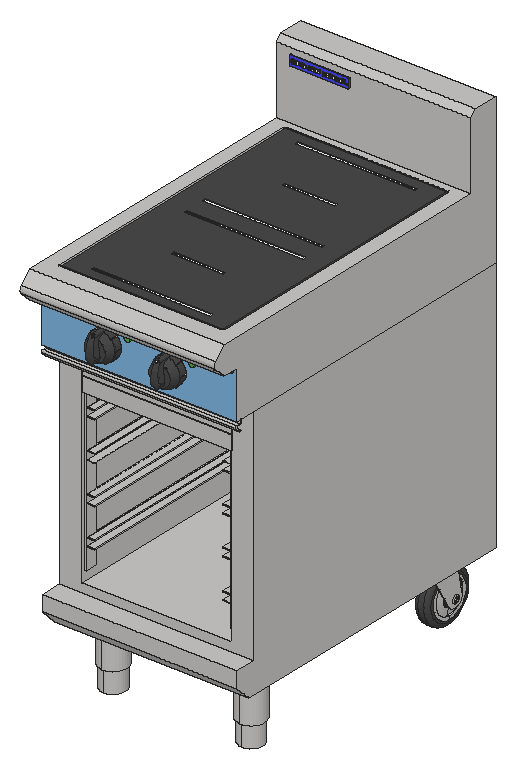
Revit family "QF_Moffat_IN512R3-CB_Induction_Cooktop_cat", category Specialty Equipment, Revit 2019
Family settings
  Round Connector Dimension = Use Diameter
  Part Type = Normal
  Work Plane-Based = No
  Always vertical = Yes
  Cut with Voids When Loaded = No
  Shared = No
  Room Calculation Point = No
Parameters (values of type "IN512R3-CB")
  Weight in Kilograms = 88
  Watts = 4150 W
  Volts = 415 V
  URL Cutsheet = ""
  Specification by User = ""
  Specification by Manufacturer = ""
  Show Logo [instance] = yes
  Show Legs [instance] = not(Show Castors)  # no
  Show Castors [instance] = yes
  Serial Number = ""
  Seismic Rating = ""
  SMACNA No = ""
  Revision Code = ""
  Phase = 3
  Number of Poles = 1
  NAFEM Spec ID Number = ""
  Model = "IN512R3-CB"
  Min Ckt Ampacity = 0 A
  Max Overcurrent Protection = 0 A
  Masterspec = ""
  Manufacturer = "Moffat"
  Length = 450 mm
  Item Number = ""
  Installed By = ""
  Identify Quantity as Lot = yes
  Height = 1085 mm
  HP = ""
  Furnished By = ""
  Foodservice Equipment Identifier = yes
  FL Amps = 10 A
  Electrical Remarks = ""
  Electric Connection Type = ""
  Elec Conn RI Height = 0 mm
  Elec Conn Connection Height = 0 mm
  Description = "Induction Cooktop"
  Depth = 812.2 mm
  Cycle = 60 Hz
  Conn Plug = ""
  Conn Conduit = yes
  CSI MasterFormat = ""
  Apparent Power = if(Phase = 3, Volts * FL Amps * 1.73, Volts * FL Amps)  # 7179.5 VA
Reference planes
  plane 1 "BACK": y = 0
  plane 2: z = 0
  plane 3 "LEFT": x = 0
  plane 4 "RIGHT": x = 450
  plane 5 "FRONT": y = -812.2
  plane 6 "TOP": z = 1085
  plane 7 "Center Y": x = 225
  plane 8 "Center X": y = -406.1
  plane 9: x = 65.5
  plane 10: x = 384.5
  plane 11: y = -30
  plane 12: x = 320
  plane 13: z = 635
  plane 14: y = -100
  plane 15: y = -625
  plane 16: z = 150
Forms (mm)
  Extrusion 1, solid, material "QF_Metal_Stainless_Polished"
    sketch origin (0, 0, 560) x (0, 1, 0) y (0, 0, 1)
      loop
        line (0, 180) -> (0, 525) -> (-57, 525) -> (-70, 512) -> (-70, 354.5) -> (-784.171, 354.5) -> (-808.685, 329.985)
        arc (-808.685, 329.985) -> (-812.2, 321.5) -> (-808.685, 313.015) r 12
        line (-808.685, 313.015) -> (-785.171, 289.5) -> (-749, 289.5) -> (-749, 180) -> (0, 180)
    from 0 to 450
  Extrusion 2, void
    sketch origin (0, -784.171, 914.5) x (0, 1, 0) y (-1, 0, 0)
      loop
        arc (696.671, -39.5) -> (694.913, -35.257) -> (690.671, -33.5) r 6
        line (690.671, -33.5) -> (44.671, -33.5)
        arc (44.671, -33.5) -> (40.428, -35.257) -> (38.671, -39.5) r 6
        line (38.671, -39.5) -> (38.671, -410.5)
        arc (38.671, -410.5) -> (40.428, -414.743) -> (44.671, -416.5) r 6
        line (44.671, -416.5) -> (690.671, -416.5)
        arc (690.671, -416.5) -> (694.913, -414.743) -> (696.671, -410.5) r 6
        line (696.671, -410.5) -> (696.671, -39.5)
    from 0 to -9.5
  Extrusion 3, solid, material "QF_Plastic_White_Smooth"
    sketch origin (0, -784.171, 905) x (0, 1, 0) y (-1, 0, 0)
      loop
        line (660.921, -362.5) -> (666.921, -362.5) -> (666.921, -87.5) -> (660.921, -87.5) -> (660.921, -362.5)
      loop
        line (532.421, -165) -> (526.421, -165) -> (526.421, -285) -> (532.421, -285) -> (532.421, -165)
      loop
        line (397.921, -87.5) -> (391.921, -87.5) -> (391.921, -362.5) -> (397.921, -362.5) -> (397.921, -87.5)
      loop
        line (337.421, -362.5) -> (343.421, -362.5) -> (343.421, -87.5) -> (337.421, -87.5) -> (337.421, -362.5)
      loop
        line (208.921, -165) -> (202.921, -165) -> (202.921, -285) -> (208.921, -285) -> (208.921, -165)
      loop
        line (68.421, -362.5) -> (74.421, -362.5) -> (74.421, -87.5) -> (68.421, -87.5) -> (68.421, -362.5)
    from 0 to 9.5
  Extrusion 4, solid, material "QF_Plastic_Black_Smooth"
    sketch origin (0, -784.171, 914.5) x (0, 1, 0) y (-1, 0, 0)
      loop
        line (692.671, -410.5) -> (692.671, -39.5)
        arc (692.671, -39.5) -> (692.085, -38.086) -> (690.671, -37.5) r 2
        line (690.671, -37.5) -> (44.671, -37.5)
        arc (44.671, -37.5) -> (43.256, -38.086) -> (42.671, -39.5) r 2
        line (42.671, -39.5) -> (42.671, -410.5)
        arc (42.671, -410.5) -> (43.256, -411.914) -> (44.671, -412.5) r 2
        line (44.671, -412.5) -> (690.671, -412.5)
        arc (690.671, -412.5) -> (692.085, -411.914) -> (692.671, -410.5) r 2
      loop
        line (666.921, -362.5) -> (666.921, -87.5) -> (660.921, -87.5) -> (660.921, -362.5) -> (666.921, -362.5)
      loop
        line (532.421, -285) -> (532.421, -165) -> (526.421, -165) -> (526.421, -285) -> (532.421, -285)
      loop
        line (391.921, -87.5) -> (391.921, -362.5) -> (397.921, -362.5) -> (397.921, -87.5) -> (391.921, -87.5)
      loop
        line (343.421, -87.5) -> (337.421, -87.5) -> (337.421, -362.5) -> (343.421, -362.5) -> (343.421, -87.5)
      loop
        line (202.921, -285) -> (208.921, -285) -> (208.921, -165) -> (202.921, -165) -> (202.921, -285)
      loop
        line (68.421, -362.5) -> (74.421, -362.5) -> (74.421, -87.5) -> (68.421, -87.5) -> (68.421, -362.5)
    from 0 to -9.5
  Extrusion 5, solid, material "QF_Metal_Stainless_Polished"
    sketch origin (0, 0, 600) x (0, 1, 0) y (0, 0, 1)
      loop
        line (-737.8, 140) -> (-737.8, 130) -> (-747.305, 130)
        arc (-747.305, 130) -> (-750.276, 128.015) -> (-749.579, 124.511) r 3.215
        line (-749.579, 124.511) -> (-739.05, 113.982) -> (-737.919, 115.113) -> (-748.447, 125.642)
        arc (-748.447, 125.642) -> (-748.797, 127.403) -> (-747.305, 128.4) r 1.615
        line (-747.305, 128.4) -> (-736.2, 128.4) -> (-736.2, 140) -> (-737.8, 140)
    from 0 to 450
  Extrusion 6, solid, material "QF_Plastic_Black_Smooth"
    sketch origin (0, -749, 741.875) x (0, 0, 1) y (-1, 0, 0)
      loop
        circle (99.343, -13.157) r 5
      loop
        circle (99.343, -436.843) r 5
      loop
        circle (99.343, -150) r 5
      loop
        circle (99.343, -300) r 5
    from 0 to 1.6
  Extrusion 7, solid, material "QF_Metal_Stainless_Polished"
    sketch origin (0, -699, 640) x (0, 1, 0) y (1, 0, 0)
      loop
        circle (669, 320) r 6.35
    from 0 to 1.6
  Extrusion 8, solid, material "QF_Metal_Stainless_Polished"
    sketch origin (0, -699, 645) x (1, 0, 0) y (0, -1, 0)
      loop
        line (0, -699) -> (450, -699) -> (450, 0) -> (399.2, 0) -> (399.2, -25.4) -> (50.8, -25.4) -> (50.8, 0) -> (0, 0) -> (0, -699)
    from 5 to -95
  Extrusion 9, solid, material "QF_Metal_Stainless_Polished"
    sketch origin (50.8, -30, 645) x (0, 1, 0) y (0, 0, 1)
      loop
        line (-669, -5) -> (-643.6, -5) -> (-643.6, 27.7) -> (-669, 27.7) -> (-669, -5)
      loop
        line (-669, 28.7) -> (-643.6, 28.7) -> (-643.6, 61.4) -> (-669, 61.4) -> (-669, 28.7)
      loop
        line (-669, 62.4) -> (-643.6, 62.4) -> (-643.6, 95) -> (-669, 95) -> (-669, 62.4)
    from 0 to 348.4
  Revolve 10, solid, material "QF_Metal_Stainless_Polished"
    sketch origin (65.5, -4572, 255.2) x (0, 0, -1) y (0, -1, 0)
      loop
        line (255.2, -3974.5) -> (255.2, -3947) -> (105.2, -3947) -> (105.2, -3978.75) -> (205.2, -3978.75) -> (205.2, -3974.5) -> (255.2, -3974.5)
      axis (105.2, -3947) -> (255.2, -3947)
    angle from 0 to 360
  Revolve 11, solid, material "QF_Metal_Stainless_Polished"
    sketch origin (384.5, -4572, 255.2) x (0, 0, -1) y (0, 1, 0)
      loop
        line (255.2, 3974.5) -> (205.2, 3974.5) -> (205.2, 3978.75) -> (105.2, 3978.75) -> (105.2, 3947) -> (255.2, 3947) -> (255.2, 3974.5)
      axis (105.2, 3947) -> (255.2, 3947)
    angle from 0 to 360
  Extrusion 12, solid, material "QF_Metal_Stainless_Polished"
    sketch origin (0, 0, 0) x (0, 1, 0) y (0, 0, 1)
      loop
        line (-50.8, 150) -> (-50.8, 242.5) -> (-699, 242.5) -> (-699, 222.5) -> (-747.95, 222.5) -> (-747.95, 186) -> (-711.95, 150) -> (-50.8, 150)
    from 0 to 450
  Extrusion 13, solid, material "QF_Metal_Stainless_Polished"
    sketch origin (-6096, 120, 150) x (0, 1, 0) y (-1, 0, 0)
      loop
        line (-120, -6096) -> (-819, -6096) -> (-819, -6146.8) -> (-170.8, -6146.8) -> (-170.8, -6495.2) -> (-819, -6495.2) -> (-819, -6546) -> (-120, -6546) -> (-120, -6096)
    from 0 to 490
  Extrusion 14, solid, material "QF_Metal_Stainless_Polished"
    sketch origin (50.8, -50.8, 460) x (0, 0, 1) y (1, 0, 0)
      loop
        line (127.5, 25.4) -> (127.5, 6.4) -> (147.5, 6.4) -> (147.5, 25.4) -> (145.9, 25.4) -> (145.9, 8) -> (129.1, 8) -> (129.1, 25.4) -> (127.5, 25.4)
      loop
        line (37.5, 25.4) -> (37.5, 6.4) -> (57.5, 6.4) -> (57.5, 25.4) -> (55.9, 25.4) -> (55.9, 8) -> (39.1, 8) -> (39.1, 25.4) -> (37.5, 25.4)
      loop
        line (-52.5, 25.4) -> (-52.5, 6.4) -> (-32.5, 6.4) -> (-32.5, 25.4) -> (-34.1, 25.4) -> (-34.1, 8) -> (-50.9, 8) -> (-50.9, 25.4) -> (-52.5, 25.4)
      loop
        line (-142.5, 25.4) -> (-142.5, 6.4) -> (-122.5, 6.4) -> (-122.5, 25.4) -> (-124.1, 25.4) -> (-124.1, 8) -> (-140.9, 8) -> (-140.9, 25.4) -> (-142.5, 25.4)
    from 0 to -641.85
  Extrusion 15, solid, material "QF_Metal_Stainless_Polished"
    sketch origin (50.8, 44.437, 150) x (0, 1, 0) y (0, 0, 1)
      loop
        line (-95.237, 488.4) -> (-120.637, 488.4) -> (-120.637, 117.5) -> (-95.237, 117.5) -> (-95.237, 488.4)
      loop
        line (-709.687, 117.5) -> (-709.687, 490) -> (-737.087, 490) -> (-737.087, 117.5) -> (-709.687, 117.5)
    from 0 to 6.4
  Extrusion 16, solid, material "QF_Metal_Stainless_Polished"
    sketch origin (50.8, -50.8, 460) x (0, 0, 1) y (1, 0, 0)
      loop
        line (127.5, 323) -> (129.1, 323) -> (129.1, 340.4) -> (145.9, 340.4) -> (145.9, 323) -> (147.5, 323) -> (147.5, 342) -> (127.5, 342) -> (127.5, 323)
      loop
        line (37.5, 323) -> (39.1, 323) -> (39.1, 340.4) -> (55.9, 340.4) -> (55.9, 323) -> (57.5, 323) -> (57.5, 342) -> (37.5, 342) -> (37.5, 323)
      loop
        line (-52.5, 323) -> (-50.9, 323) -> (-50.9, 340.4) -> (-34.1, 340.4) -> (-34.1, 323) -> (-32.5, 323) -> (-32.5, 342) -> (-52.5, 342) -> (-52.5, 323)
      loop
        line (-142.5, 323) -> (-140.9, 323) -> (-140.9, 340.4) -> (-124.1, 340.4) -> (-124.1, 323) -> (-122.5, 323) -> (-122.5, 342) -> (-142.5, 342) -> (-142.5, 323)
    from 0 to -641.85
  Extrusion 17, solid, material "QF_Metal_Stainless_Polished"
    sketch origin (399.2, 44.437, 150) x (0, 1, 0) y (0, 0, -1)
      loop
        line (-95.237, -488.4) -> (-95.237, -117.5) -> (-120.637, -117.5) -> (-120.637, -488.4) -> (-95.237, -488.4)
      loop
        line (-709.687, -117.5) -> (-737.087, -117.5) -> (-737.087, -490) -> (-709.687, -490) -> (-709.687, -117.5)
    from 0 to 6.4
  Revolve 18, solid, material "QF_Metal_Stainless_Polished", visible <- "Show Legs"
    sketch origin (65.5, -4047, 255.2) x (0, 0, -1) y (0, -1, 0)
      loop
        line (255.2, -3974.5) -> (255.2, -3947) -> (105.2, -3947) -> (105.2, -3978.75) -> (205.2, -3978.75) -> (205.2, -3974.5) -> (255.2, -3974.5)
      axis (105.2, -3947) -> (255.2, -3947)
    angle from 0 to 360
  Revolve 19, solid, material "QF_Metal_Stainless_Polished", visible <- "Show Legs"
    sketch origin (384.5, -4047, 255.2) x (0, 0, -1) y (0, 1, 0)
      loop
        line (255.2, 3974.5) -> (205.2, 3974.5) -> (205.2, 3978.75) -> (105.2, 3978.75) -> (105.2, 3947) -> (255.2, 3947) -> (255.2, 3974.5)
      axis (105.2, 3947) -> (255.2, 3947)
    angle from 0 to 360
  Extrusion 20, solid, material "QF_Paint_Green"
    sketch origin (65.731, -749, 740) x (0, 0, 1) y (-1, 0, 0)
      loop
        circle (84.8, -282.5) r 7.15
    from 0 to 1.6
  Extrusion 21, solid, material "QF_Paint_Green"
    sketch origin (-84.269, -749, 740) x (0, 0, 1) y (-1, 0, 0)
      loop
        circle (84.8, -282.5) r 7.15
    from 0 to 1.6
Cuts and joins
  Extrusion 2 cuts Extrusion 1
  joined: Revolve 10, Revolve 11
  joined: Extrusion 8, Extrusion 12, Extrusion 13
Lines and regions (mm)
  symbolic lines
    curve 1: line (0, 0, 0) -> (450, 0, 0)
    curve 2: line (0, -812.2, 0) -> (0, 0, 0)
    curve 3: line (450, -812.2, 0) -> (0, -812.2, 0)
    curve 4: line (450, 0, 0) -> (450, -812.2, 0)
    curve 5: line (0, -784.171, 0) -> (450, -784.171, 0)
    curve 6: line (0, -57, 0) -> (450, -57, 0)
    curve 7: line (0, -70, 0) -> (450, -70, 0)
    curve 8: line (39.5, -87.5, 0) -> (410.5, -87.5, 0)
    curve 9: arc (410.5, -87.5, 0) -> (414.743, -89.257, 0) -> (416.5, -93.5, 0) r 6
    curve 10: line (416.5, -93.5, 0) -> (416.5, -739.5, 0)
    curve 11: arc (416.5, -739.5, 0) -> (414.743, -743.743, 0) -> (410.5, -745.5, 0) r 6
    curve 12: line (410.5, -745.5, 0) -> (39.5, -745.5, 0)
    curve 13: arc (39.5, -745.5, 0) -> (35.257, -743.743, 0) -> (33.5, -739.5, 0) r 6
    curve 14: line (33.5, -739.5, 0) -> (33.5, -93.5, 0)
    curve 15: arc (33.5, -93.5, 0) -> (35.257, -89.257, 0) -> (39.5, -87.5, 0) r 6
    curve 16: line (410.5, -91.5, 0) -> (39.5, -91.5, 0)
    curve 17: arc (39.5, -91.5, 0) -> (38.086, -92.086, 0) -> (37.5, -93.5, 0) r 2
    curve 18: line (37.5, -93.5, 0) -> (37.5, -739.5, 0)
    curve 19: arc (37.5, -739.5, 0) -> (38.086, -740.914, 0) -> (39.5, -741.5, 0) r 2
    curve 20: line (39.5, -741.5, 0) -> (410.5, -741.5, 0)
    curve 21: arc (410.5, -741.5, 0) -> (411.914, -740.914, 0) -> (412.5, -739.5, 0) r 2
    curve 22: line (412.5, -739.5, 0) -> (412.5, -93.5, 0)
    curve 23: arc (412.5, -93.5, 0) -> (411.914, -92.086, 0) -> (410.5, -91.5, 0) r 2
    curve 24: line (362.5, -123.25, 0) -> (87.5, -123.25, 0)
    curve 25: line (87.5, -123.25, 0) -> (87.5, -117.25, 0)
    curve 26: line (87.5, -117.25, 0) -> (362.5, -117.25, 0)
    curve 27: line (362.5, -117.25, 0) -> (362.5, -123.25, 0)
    curve 28: line (165, -251.75, 0) -> (285, -251.75, 0)
    curve 29: line (285, -251.75, 0) -> (285, -257.75, 0)
    curve 30: line (285, -257.75, 0) -> (165, -257.75, 0)
    curve 31: line (165, -257.75, 0) -> (165, -251.75, 0)
    curve 32: line (87.5, -386.25, 0) -> (362.5, -386.25, 0)
    curve 33: line (362.5, -386.25, 0) -> (362.5, -392.25, 0)
    curve 34: line (362.5, -392.25, 0) -> (87.5, -392.25, 0)
    curve 35: line (87.5, -392.25, 0) -> (87.5, -386.25, 0)
    curve 36: line (87.5, -440.75, 0) -> (362.5, -440.75, 0)
    curve 37: line (362.5, -440.75, 0) -> (362.5, -446.75, 0)
    curve 38: line (362.5, -446.75, 0) -> (87.5, -446.75, 0)
    curve 39: line (87.5, -446.75, 0) -> (87.5, -440.75, 0)
    curve 40: line (285, -581.25, 0) -> (165, -581.25, 0)
    curve 41: line (165, -581.25, 0) -> (165, -575.25, 0)
    curve 42: line (165, -575.25, 0) -> (285, -575.25, 0)
    curve 43: line (285, -575.25, 0) -> (285, -581.25, 0)
    curve 44: line (87.5, -709.75, 0) -> (362.5, -709.75, 0)
    curve 45: line (362.5, -709.75, 0) -> (362.5, -715.75, 0)
    curve 46: line (362.5, -715.75, 0) -> (87.5, -715.75, 0)
    curve 47: line (87.5, -715.75, 0) -> (87.5, -709.75, 0)
Dimensions and locks
  equal spacing: plane 3 "LEFT", plane 7 "Center Y", plane 4 "RIGHT"
  "Length": plane 3 "LEFT" to plane 4 "RIGHT"
  equal spacing: plane 5 "FRONT", plane 8 "Center X", plane 1 "BACK"
  "Depth": plane 5 "FRONT" to plane 1 "BACK"
  "Height": plane 6 "TOP" to level
  plane 9 to plane 10 = 319 mm
  plane 4 "RIGHT" to plane 3 "LEFT" = 450 mm
  plane 1 "BACK" to cut or joined group of Extrusion 1, Extrusion 2 = 70 mm
  plane 1 "BACK" to plane 5 "FRONT" = 812.2 mm
  plane 6 "TOP" to plane 2 = 1085 mm
  cut or joined group of Extrusion 1, Extrusion 2 to plane 2 = 914.5 mm
  locked: plane 12 to plane 4 "RIGHT" at 130
  plane 1 "BACK" to plane 11 = 30 mm
  plane 1 "BACK" to plane 14 to plane 15 = 100 mm, 525 mm
  plane 2 to plane 13 = 635 mm
  plane 16 to plane 2 = 150 mm
  aligned and locked: level to plane 2
Automatic sketch dimensions
  plane 1 "BACK" to curve 1 = 0 mm
  curve 1 to plane 3 "LEFT" = 0 mm
  curve 3 to plane 4 "RIGHT" = 0 mm
  plane 5 "FRONT" to curve 3 = 0 mm
  curve 3 to curve 5 = 28.029 mm
  curve 7 to plane 14 = 30 mm
  curve 7 to curve 6 = 13 mm
  Extrusion 1 sketch curve to plane 6 "TOP" = 0 mm
  Extrusion 1 sketch curve to plane 1 "BACK" = 0 mm
  plane 11 to Extrusion 1 sketch curve = 27 mm
  Extrusion 1 sketch curve to plane 6 "TOP" = 13 mm
  Extrusion 1 sketch curve to Extrusion 1 sketch curve = 13 mm
  Extrusion 1 sketch curve to plane 5 "FRONT" = 63.2 mm
  Extrusion 1 sketch curve to plane 5 "FRONT" = 28.029 mm
  Extrusion 1 sketch curve to plane 5 "FRONT" = 27.029 mm
  Extrusion 1 sketch curve to plane 5 "FRONT" = 12 mm
  Extrusion 1 sketch curve to plane 5 "FRONT" = 3.515 mm  (x2)
  Extrusion 1 sketch curve to plane 6 "TOP" = 170.5 mm
  Extrusion 1 sketch curve to Extrusion 1 sketch curve = 24.515 mm
  Extrusion 1 sketch curve to Extrusion 1 sketch curve = 8.485 mm
  Extrusion 1 sketch curve to Extrusion 1 sketch curve = 32 mm
  Extrusion 1 sketch curve to plane 13 = 105 mm
  Extrusion 2 sketch curve to Extrusion 1 = 38.671 mm
  Extrusion 2 sketch curve to Extrusion 2 sketch curve = 6 mm  (x3)
  Extrusion 1 to Extrusion 2 sketch curve = 23.5 mm  (x2)
  Extrusion 1 to Extrusion 2 sketch curve = 33.5 mm
  Extrusion 1 to Extrusion 2 sketch curve = 39.5 mm
  Extrusion 4 sketch curve to Extrusion 1 = 42.671 mm
  Extrusion 4 sketch curve to Extrusion 4 sketch curve = 2 mm  (x3)
  Extrusion 1 to Extrusion 4 sketch curve = 23.5 mm  (x2)
  Extrusion 1 to Extrusion 4 sketch curve = 37.5 mm
  Extrusion 1 to Extrusion 4 sketch curve = 39.5 mm
  Extrusion 5 sketch curve to Extrusion 5 sketch curve = 0 mm  (x2)
  Extrusion 5 sketch curve to plane 5 "FRONT" = 62.621 mm
  Extrusion 5 sketch curve to Extrusion 5 sketch curve = 1.131 mm  (x3)
  Extrusion 5 sketch curve to Extrusion 5 sketch curve = 1.142 mm  (x2)
  Extrusion 5 sketch curve to Extrusion 5 sketch curve = 10.529 mm
  Extrusion 5 sketch curve to Extrusion 5 sketch curve = 9.505 mm
  Extrusion 5 sketch curve to Extrusion 5 sketch curve = 1.6 mm
  Extrusion 5 sketch curve to plane 13 = 78.982 mm
  Extrusion 5 sketch curve to Extrusion 5 sketch curve = 10 mm
  Extrusion 8 to Extrusion 7 sketch curve = 30 mm
  Extrusion 7 sketch curve to Extrusion 8 = 79.2 mm
  plane 1 "BACK" to Extrusion 8 sketch curve = 0 mm
  Extrusion 8 sketch curve to plane 3 "LEFT" = 0 mm
  Extrusion 8 sketch curve to plane 4 "RIGHT" = 0 mm
  plane 9 to Extrusion 8 sketch curve = 14.7 mm
  Extrusion 8 sketch curve to plane 10 = 14.7 mm
  plane 15 to Extrusion 8 sketch curve = 48.6 mm
  Extrusion 8 sketch curve to Extrusion 8 sketch curve = 25.4 mm  (x2)
  Extrusion 9 sketch curve to Extrusion 8 = 0 mm  (x8)
  Extrusion 8 to Extrusion 9 sketch curve = 32.7 mm
  Extrusion 9 sketch curve to Extrusion 9 sketch curve = 1 mm  (x2)
  Extrusion 9 sketch curve to Extrusion 9 sketch curve = 32.7 mm
  Revolve 10 sketch curve to plane 15 = 0 mm  (x2)
  Revolve 10 sketch curve to plane 16 = 0 mm
  Revolve 10 sketch curve to level = 0 mm  (x2)
  level to Revolve 10 sketch curve = 50 mm
  Revolve 10 sketch curve to Revolve 10 sketch curve = 27.5 mm
  Revolve 10 sketch curve to Revolve 10 sketch curve = 31.75 mm
  Revolve 10 sketch curve to Revolve 10 sketch curve = 25 mm
  Revolve 11 sketch curve to plane 15 = 0 mm  (x2)
  Revolve 11 sketch curve to plane 16 = 0 mm
  Revolve 11 sketch curve to level = 0 mm  (x2)
  level to Revolve 11 sketch curve = 50 mm
  Revolve 11 sketch curve to plane 15 = 27.5 mm
  Revolve 11 sketch curve to Revolve 11 sketch curve = 4.25 mm
  Revolve 11 sketch curve to Revolve 11 sketch curve = 25 mm
  Extrusion 12 sketch curve to plane 16 = 0 mm
  Extrusion 12 sketch curve to plane 5 "FRONT" = 64.25 mm
  Extrusion 12 sketch curve to Extrusion 12 sketch curve = 36 mm
  Extrusion 12 sketch curve to Extrusion 12 sketch curve = 48.95 mm
  plane 11 to Extrusion 12 sketch curve = 20.8 mm
  plane 16 to Extrusion 12 sketch curve = 36 mm
  Extrusion 12 sketch curve to Extrusion 12 sketch curve = 36.5 mm
  plane 16 to Extrusion 12 sketch curve = 92.5 mm
  Extrusion 13 sketch curve to plane 4 "RIGHT" = 0 mm
  Extrusion 13 sketch curve to plane 3 "LEFT" = 0 mm
  plane 1 "BACK" to Extrusion 13 sketch curve = 0 mm
  plane 11 to Extrusion 13 sketch curve = 20.8 mm
  Extrusion 13 sketch curve to plane 10 = 14.7 mm
  plane 15 to Extrusion 13 sketch curve = 74 mm  (x2)
  plane 9 to Extrusion 13 sketch curve = 14.7 mm
  Extrusion 15 to Extrusion 14 sketch curve = 0 mm  (x4)
  Extrusion 14 sketch curve to Extrusion 15 = 19 mm  (x4)
  Extrusion 15 to Extrusion 14 sketch curve = 50 mm
  Extrusion 14 sketch curve to Extrusion 14 sketch curve = 1.6 mm  (x8)
  Extrusion 14 sketch curve to Extrusion 15 = 1.6 mm  (x4)
  Extrusion 14 sketch curve to Extrusion 14 sketch curve = 16.8 mm  (x4)
  Extrusion 14 sketch curve to Extrusion 14 sketch curve = 70 mm  (x2)
  Extrusion 14 sketch curve to Extrusion 15 = 50.9 mm
  Extrusion 14 sketch curve to Extrusion 14 sketch curve = 17.4 mm  (x3)
  Extrusion 14 sketch curve to Extrusion 14 sketch curve = 0 mm
  Extrusion 13 to Extrusion 15 sketch curve = 0 mm
  Extrusion 15 sketch curve to Extrusion 13 = 0 mm
  Extrusion 15 sketch curve to Extrusion 13 = 25.4 mm
  Extrusion 13 to Extrusion 15 sketch curve = 33.75 mm
  Extrusion 13 to Extrusion 15 sketch curve = 6.35 mm
  Extrusion 13 to Extrusion 15 sketch curve = 1.6 mm
  Extrusion 13 to Extrusion 15 sketch curve = 117.5 mm  (x2)
  Extrusion 15 to Extrusion 16 sketch curve = 50 mm
  Extrusion 16 sketch curve to Extrusion 16 sketch curve = 1.6 mm  (x12)
  Extrusion 16 sketch curve to Extrusion 16 sketch curve = 16.8 mm  (x4)
  Extrusion 16 sketch curve to Extrusion 16 sketch curve = 70 mm  (x2)
  Extrusion 16 sketch curve to Extrusion 15 = 50.9 mm
  Extrusion 16 sketch curve to Extrusion 15 = 316.6 mm
  Extrusion 16 sketch curve to Extrusion 16 sketch curve = 0 mm  (x7)
  Extrusion 16 sketch curve to Extrusion 16 sketch curve = 17.4 mm  (x4)
  plane 15 to Extrusion 17 sketch curve = 67.65 mm
  Extrusion 17 sketch curve to plane 13 = 5 mm
  Extrusion 17 sketch curve to Extrusion 17 sketch curve = 27.4 mm
  Extrusion 17 sketch curve to plane 13 = 3.4 mm
  Extrusion 17 sketch curve to plane 14 = 23.8 mm
  plane 11 to Extrusion 17 sketch curve = 20.8 mm
  plane 16 to Extrusion 17 sketch curve = 117.5 mm  (x2)
  Revolve 18 sketch curve to plane 14 = 0 mm  (x2)
  Revolve 18 sketch curve to plane 16 = 0 mm
  Revolve 18 sketch curve to level = 0 mm  (x2)
  level to Revolve 18 sketch curve = 50 mm
  Revolve 18 sketch curve to Revolve 18 sketch curve = 27.5 mm
  Revolve 18 sketch curve to Revolve 18 sketch curve = 31.75 mm
  Revolve 18 sketch curve to Revolve 18 sketch curve = 25 mm
  Revolve 19 sketch curve to plane 14 = 0 mm  (x2)
  Revolve 19 sketch curve to plane 16 = 0 mm
  Revolve 19 sketch curve to level = 0 mm  (x2)
  level to Revolve 19 sketch curve = 50 mm
  Revolve 19 sketch curve to plane 14 = 27.5 mm
  Revolve 19 sketch curve to Revolve 19 sketch curve = 4.25 mm
  Revolve 19 sketch curve to Revolve 19 sketch curve = 25 mm
  Extrusion 1 to Extrusion 20 sketch curve = 24.7 mm
  Extrusion 1 to Extrusion 20 sketch curve = 101.769 mm
  Extrusion 1 to Extrusion 21 sketch curve = 24.7 mm
  Extrusion 1 to Extrusion 21 sketch curve = 198.231 mm
  curve 14 to plane 14 = 6.5 mm
  plane 9 to curve 14 = 32 mm
  curve 14 to curve 15 = 6 mm
  curve 13 to curve 13 = 6 mm
  curve 9 to plane 14 = 6.5 mm
  curve 9 to plane 10 = 26 mm
  curve 12 to curve 10 = 6 mm
  curve 5 to curve 12 = 38.671 mm
  curve 9 to curve 23 = 0 mm  (x2)
  curve 11 to curve 21 = 0 mm  (x2)
  curve 13 to curve 19 = 0 mm  (x2)
  curve 15 to curve 17 = 0 mm
  curve 18 to curve 15 = 2 mm
  Extrusion 1 to Extrusion 4 sketch curve = 53.25 mm
  Extrusion 4 sketch curve to Extrusion 4 sketch curve = 6 mm  (x6)
  Extrusion 4 sketch curve to Extrusion 4 sketch curve = 48 mm  (x4)
  Extrusion 4 sketch curve to Extrusion 4 sketch curve = 134.5 mm  (x3)
  Extrusion 4 sketch curve to Extrusion 4 sketch curve = 77.5 mm  (x2)
  Extrusion 4 sketch curve to Extrusion 4 sketch curve = 120 mm  (x2)
  Extrusion 1 to Extrusion 4 sketch curve = 87.5 mm  (x2)
  Extrusion 4 sketch curve to Extrusion 4 sketch curve = 54.5 mm
  Extrusion 4 sketch curve to Extrusion 4 sketch curve = 0 mm  (x2)
  Extrusion 4 sketch curve to Extrusion 4 sketch curve = 23.75 mm
  Extrusion 3 sketch curve to Extrusion 2 = 35.75 mm  (x2)
  Extrusion 3 sketch curve to Extrusion 3 sketch curve = 6 mm  (x6)
  Extrusion 3 sketch curve to Extrusion 2 = 54 mm  (x7)
  Extrusion 3 sketch curve to Extrusion 3 sketch curve = 128.5 mm  (x3)
  Extrusion 3 sketch curve to Extrusion 2 = 131.5 mm  (x2)
  Extrusion 3 sketch curve to Extrusion 3 sketch curve = 120 mm  (x2)
  Extrusion 3 sketch curve to Extrusion 3 sketch curve = 48.5 mm
  Extrusion 3 sketch curve to Extrusion 3 sketch curve = 0 mm
  curve 24 to plane 9 = 22 mm
  plane 10 to curve 26 = 22 mm
  plane 14 to curve 24 = 23.25 mm
  curve 24 to curve 27 = 6 mm
  curve 30 to plane 7 "Center Y" = 60 mm
  plane 12 to curve 30 = 35 mm
  plane 8 "Center X" to curve 30 = 148.35 mm
  curve 30 to curve 31 = 6 mm
  curve 32 to plane 9 = 22 mm
  plane 10 to curve 33 = 22 mm
  plane 8 "Center X" to curve 33 = 13.85 mm
  curve 33 to curve 33 = 6 mm
  curve 39 to plane 9 = 22 mm
  plane 10 to curve 36 = 22 mm
  curve 39 to plane 8 "Center X" = 40.65 mm
  curve 37 to curve 37 = 6 mm
  curve 41 to plane 7 "Center Y" = 60 mm
  plane 12 to curve 43 = 35 mm
  curve 41 to plane 15 = 43.75 mm
  curve 40 to curve 41 = 6 mm
  curve 47 to plane 9 = 22 mm
  plane 10 to curve 44 = 22 mm
  curve 13 to curve 47 = 23.75 mm
  curve 45 to curve 45 = 6 mm
  Extrusion 1 to Extrusion 6 sketch curve = 8.282 mm  (x4)
  Extrusion 1 to Extrusion 6 sketch curve = 13.157 mm  (x2)
  Extrusion 6 sketch curve to Extrusion 6 sketch curve = 136.843 mm
  Extrusion 1 to Extrusion 6 sketch curve = 150 mm
  radius of Extrusion 7 sketch curve = 6.35 mm
  radius of Extrusion 20 sketch curve = 7.15 mm
  radius of Extrusion 21 sketch curve = 7.15 mm
  radius of Extrusion 6 sketch curve = 5 mm  (x4)
Nested families
  nested 1: "QF_LOGO_BLue Seal" at (32, -70, 1034.385), visible <- "Show Logo", type "QF_LOGO_BLue Seal"
  nested 2: "6 INCHES 02_CASTER" at (65.5, -100, 0), Show Casters <- "Show Castors", type "6 INCHES 02_CASTER"
    with Type Mark "", Specification by User "", Show Casters yes, Revision Code "", Item Number "", Installed By "", Identify Quantity as Lot yes, Furnished By "", Foodservice Equipment Identifier yes
  nested 3: "6 INCHES 02_CASTER" at (384.5, -100, 0), Show Casters <- "Show Castors", type "6 INCHES 02_CASTER"
    with Type Mark "", Specification by User "", Show Casters yes, Revision Code "", Item Number "", Installed By "", Identify Quantity as Lot yes, Furnished By "", Foodservice Equipment Identifier yes
  nested 4: "Knob" at (267.5, -739.5, 764.5), type "Knob"
  nested 5: "Knob" at (117.5, -739.5, 764.5), type "Knob"
Connectors
  electrical at (320, -30, 638.4), driven by "Volts", driven by "Watts"
    settings: on Extrusion 7, index 1, voltage 415 V, apparent load 4150 VA, apparent load phase1 0 VA, apparent load phase2 0 VA, apparent load phase3 0 VA, power factor 1, load classification "Other", number of poles 1, system type 30, power factor state 1, is connector primary yes, connector utility no, sub classification motor no, connector description "Electrical Connection"
Definition of nested family "QF_LOGO_BLue Seal"
  Parameters (values of type "QF_LOGO_BLue Seal")
    Weight in Pounds = 0
    URL Cutsheet = ""
    Specification by User = ""
    Specification by Manufacturer = ""
    Serial Number = ""
    Seismic Rating = ""
    SMACNA No = ""
    Revision Code = ""
    NAFEM Spec ID Number = ""
    Masterspec = ""
    Length = 138 mm
    Item Number = ""
    Installed By = ""
    Identify Quantity as Lot = yes
    Height = 23 mm
    Furnished By = ""
    Foodservice Equipment Identifier = yes
    Depth = 3.175 mm
    CSI MasterFormat = ""
  Reference planes
    plane 1 "BACK": y = 0
    plane 2: z = 0
    plane 3 "LEFT": x = 0
    plane 4 "RIGHT": x = 138
    plane 5 "FRONT": y = -3.175
    plane 6 "TOP": z = 23
    plane 7 "Center Y": x = 69
    plane 8 "Center X": y = -1.587
  Forms (mm)
    Extrusion 1, solid
      sketch origin (0, 0, 0) x (1, 0, 0) y (0, 0, 1)
        loop
          arc (2, 23) -> (0.586, 22.414) -> (0, 21) r 2
          line (0, 21) -> (0, 2)
          arc (0, 2) -> (0.586, 0.586) -> (2, 0) r 2
          line (2, 0) -> (136, 0)
          arc (136, 0) -> (137.414, 0.586) -> (138, 2) r 2
          line (138, 2) -> (138, 21)
          arc (138, 21) -> (137.414, 22.414) -> (136, 23) r 2
          line (136, 23) -> (2, 23)
        loop
          arc (16.625, 15.317) -> (15.943, 15.034) -> (15.66, 14.352) r 0.965
          line (15.66, 14.352) -> (15.66, 8.169)
          arc (15.66, 8.169) -> (15.953, 7.461) -> (16.66, 7.169) r 1
          line (16.66, 7.169) -> (27.958, 7.169)
          arc (27.958, 7.169) -> (29.995, 9.206) -> (27.958, 11.243) r 2.037
          arc (27.958, 11.243) -> (29.995, 13.28) -> (27.958, 15.317) r 2.037
          line (27.958, 15.317) -> (16.625, 15.317)
        loop
          line (21.163, 13.835) -> (21.163, 12.291) -> (23.596, 12.291)
          arc (23.596, 12.291) -> (24.368, 13.063) -> (23.596, 13.835) r 0.772
          line (23.596, 13.835) -> (21.163, 13.835)
        loop
          line (21.163, 8.544) -> (23.596, 8.544)
          arc (23.596, 8.544) -> (24.368, 9.316) -> (23.596, 10.089) r 0.772
          line (23.596, 10.089) -> (21.163, 10.089) -> (21.163, 8.544)
        loop
          arc (32.475, 15.317) -> (31.768, 15.024) -> (31.475, 14.317) r 1
          line (31.475, 14.317) -> (31.475, 8.169)
          arc (31.475, 8.169) -> (31.768, 7.461) -> (32.475, 7.169) r 1
          line (32.475, 7.169) -> (41.849, 7.169)
          arc (41.849, 7.169) -> (42.859, 8.178) -> (41.849, 9.188) r 1.01
          line (41.849, 9.188) -> (37.262, 9.188) -> (37.262, 14.317)
          arc (37.262, 14.317) -> (36.969, 15.024) -> (36.262, 15.317) r 1
          line (36.262, 15.317) -> (32.475, 15.317)
        loop
          arc (44.648, 15.317) -> (43.941, 15.024) -> (43.648, 14.317) r 1
          line (43.648, 14.317) -> (43.648, 9.124)
          arc (43.648, 9.124) -> (44.221, 7.741) -> (45.604, 7.169) r 1.956
          line (45.604, 7.169) -> (55.306, 7.169)
          arc (55.306, 7.169) -> (56.749, 7.766) -> (57.347, 9.209) r 2.04
          line (57.347, 9.209) -> (57.347, 14.358)
          arc (57.347, 14.358) -> (57.066, 15.036) -> (56.388, 15.317) r 0.959
          line (56.388, 15.317) -> (52.676, 15.317)
          arc (52.676, 15.317) -> (51.968, 15.024) -> (51.676, 14.317) r 1
          line (51.676, 14.317) -> (51.676, 10.17)
          arc (51.676, 10.17) -> (50.529, 9.024) -> (49.383, 10.17) r 1.146
          line (49.383, 10.17) -> (49.383, 14.317)
          arc (49.383, 14.317) -> (49.09, 15.024) -> (48.383, 15.317) r 1
          line (48.383, 15.317) -> (44.648, 15.317)
        loop
          arc (60.035, 15.317) -> (59.328, 15.024) -> (59.035, 14.317) r 1
          line (59.035, 14.317) -> (59.035, 8.169)
          arc (59.035, 8.169) -> (59.328, 7.461) -> (60.035, 7.169) r 1
          line (60.035, 7.169) -> (69.845, 7.169)
          arc (69.845, 7.169) -> (70.828, 8.152) -> (69.845, 9.135) r 0.983
          line (69.845, 9.135) -> (65.06, 9.135) -> (65.06, 10.415) -> (69.988, 10.415)
          arc (69.988, 10.415) -> (70.828, 11.255) -> (69.988, 12.095) r 0.84
          line (69.988, 12.095) -> (65.06, 12.095) -> (65.06, 13.215) -> (69.777, 13.215)
          arc (69.777, 13.215) -> (70.828, 14.266) -> (69.777, 15.317) r 1.051
          line (69.777, 15.317) -> (60.035, 15.317)
        loop
          line (77.315, 14.317) -> (77.315, 11.634)
          arc (77.315, 11.634) -> (77.608, 10.927) -> (78.315, 10.634) r 1
          line (78.315, 10.634) -> (85.957, 10.634) -> (85.957, 8.756) -> (82.871, 8.756) -> (82.871, 9.708) -> (77.315, 9.708) -> (77.315, 8.169)
          arc (77.315, 8.169) -> (77.608, 7.461) -> (78.315, 7.169) r 1
          line (78.315, 7.169) -> (90.614, 7.169)
          arc (90.614, 7.169) -> (91.321, 7.461) -> (91.614, 8.169) r 1
          line (91.614, 8.169) -> (91.614, 11.073)
          arc (91.614, 11.073) -> (91.322, 11.778) -> (90.617, 12.07) r 0.996
          line (90.617, 12.07) -> (82.871, 12.07) -> (82.871, 13.786) -> (85.957, 13.786) -> (85.957, 12.856) -> (91.614, 12.856) -> (91.614, 14.317)
          arc (91.614, 14.317) -> (91.321, 15.024) -> (90.614, 15.317) r 1
          line (90.614, 15.317) -> (78.315, 15.317)
          arc (78.315, 15.317) -> (77.608, 15.024) -> (77.315, 14.317) r 1
        loop
          arc (107.404, 15.317) -> (106.697, 15.024) -> (106.404, 14.317) r 1
          line (106.404, 14.317) -> (106.404, 8.169)
          arc (106.404, 8.169) -> (106.697, 7.461) -> (107.404, 7.169) r 1
          line (107.404, 7.169) -> (111.34, 7.169)
          arc (111.34, 7.169) -> (112.047, 7.461) -> (112.34, 8.169) r 1
          line (112.34, 8.169) -> (112.34, 9.135) -> (115.1, 9.135) -> (115.1, 8.169)
          arc (115.1, 8.169) -> (115.393, 7.461) -> (116.1, 7.169) r 1
          line (116.1, 7.169) -> (119.975, 7.169)
          arc (119.975, 7.169) -> (120.682, 7.461) -> (120.975, 8.169) r 1
          line (120.975, 8.169) -> (120.975, 14.317)
          arc (120.975, 14.317) -> (120.682, 15.024) -> (119.975, 15.317) r 1
          line (119.975, 15.317) -> (107.404, 15.317)
        loop
          arc (94.016, 15.317) -> (93.309, 15.024) -> (93.016, 14.317) r 1
          line (93.016, 14.317) -> (93.016, 8.169)
          arc (93.016, 8.169) -> (93.309, 7.461) -> (94.016, 7.169) r 1
          line (94.016, 7.169) -> (103.826, 7.169)
          arc (103.826, 7.169) -> (104.809, 8.152) -> (103.826, 9.135) r 0.983
          line (103.826, 9.135) -> (99.041, 9.135) -> (99.041, 10.415) -> (103.969, 10.415)
          arc (103.969, 10.415) -> (104.809, 11.255) -> (103.969, 12.095) r 0.84
          line (103.969, 12.095) -> (99.041, 12.095) -> (99.041, 13.215) -> (103.759, 13.215)
          arc (103.759, 13.215) -> (104.809, 14.266) -> (103.759, 15.317) r 1.051
          line (103.759, 15.317) -> (94.016, 15.317)
        loop
          line (112.34, 11.583) -> (115.1, 11.583) -> (115.1, 12.915)
          arc (115.1, 12.915) -> (114.954, 13.268) -> (114.6, 13.415) r 0.5
          line (114.6, 13.415) -> (112.84, 13.415)
          arc (112.84, 13.415) -> (112.487, 13.268) -> (112.34, 12.915) r 0.5
          line (112.34, 12.915) -> (112.34, 11.583)
        loop
          arc (123.692, 15.317) -> (122.985, 15.024) -> (122.692, 14.317) r 1
          line (122.692, 14.317) -> (122.692, 8.169)
          arc (122.692, 8.169) -> (122.985, 7.461) -> (123.692, 7.169) r 1
          line (123.692, 7.169) -> (133.067, 7.169)
          arc (133.067, 7.169) -> (134.076, 8.178) -> (133.067, 9.188) r 1.01
          line (133.067, 9.188) -> (128.479, 9.188) -> (128.479, 14.317)
          arc (128.479, 14.317) -> (128.186, 15.024) -> (127.479, 15.317) r 1
          line (127.479, 15.317) -> (123.692, 15.317)
        loop
          circle (8.135, 11.2) r 4.581
      from 0 to 3.2
    Extrusion 2, solid
      sketch origin (0, 0, 0) x (1, 0, 0) y (0, 0, 1)
        loop
          circle (8.135, 11.2) r 4.581
        loop
          line (8.289, 15.169) -> (8.289, 7.231)
          arc (8.289, 7.231) -> (12.08, 11.2) -> (8.289, 15.169) r 3.973
        loop
          arc (16.625, 15.317) -> (15.943, 15.034) -> (15.66, 14.352) r 0.965
          line (15.66, 14.352) -> (15.66, 8.169)
          arc (15.66, 8.169) -> (15.953, 7.461) -> (16.66, 7.169) r 1
          line (16.66, 7.169) -> (27.958, 7.169)
          arc (27.958, 7.169) -> (29.995, 9.206) -> (27.958, 11.243) r 2.037
          arc (27.958, 11.243) -> (29.995, 13.28) -> (27.958, 15.317) r 2.037
          line (27.958, 15.317) -> (16.625, 15.317)
        loop
          line (21.163, 12.291) -> (23.596, 12.291)
          arc (23.596, 12.291) -> (24.368, 13.063) -> (23.596, 13.835) r 0.772
          line (23.596, 13.835) -> (21.163, 13.835) -> (21.163, 12.291)
        loop
          line (23.596, 10.089) -> (21.163, 10.089) -> (21.163, 8.544) -> (23.596, 8.544)
          arc (23.596, 8.544) -> (24.368, 9.316) -> (23.596, 10.089) r 0.772
        loop
          arc (37.262, 14.317) -> (36.969, 15.024) -> (36.262, 15.317) r 1
          line (36.262, 15.317) -> (32.475, 15.317)
          arc (32.475, 15.317) -> (31.768, 15.024) -> (31.475, 14.317) r 1
          line (31.475, 14.317) -> (31.475, 8.169)
          arc (31.475, 8.169) -> (31.768, 7.461) -> (32.475, 7.169) r 1
          line (32.475, 7.169) -> (41.849, 7.169)
          arc (41.849, 7.169) -> (42.859, 8.178) -> (41.849, 9.188) r 1.01
          line (41.849, 9.188) -> (37.262, 9.188) -> (37.262, 14.317)
        loop
          arc (43.648, 9.124) -> (44.221, 7.741) -> (45.604, 7.169) r 1.956
          line (45.604, 7.169) -> (55.306, 7.169)
          arc (55.306, 7.169) -> (56.749, 7.766) -> (57.347, 9.209) r 2.04
          line (57.347, 9.209) -> (57.347, 14.358)
          arc (57.347, 14.358) -> (57.066, 15.036) -> (56.388, 15.317) r 0.959
          line (56.388, 15.317) -> (52.676, 15.317)
          arc (52.676, 15.317) -> (51.968, 15.024) -> (51.676, 14.317) r 1
          line (51.676, 14.317) -> (51.676, 10.17)
          arc (51.676, 10.17) -> (50.529, 9.024) -> (49.383, 10.17) r 1.146
          line (49.383, 10.17) -> (49.383, 14.317)
          arc (49.383, 14.317) -> (49.09, 15.024) -> (48.383, 15.317) r 1
          line (48.383, 15.317) -> (44.648, 15.317)
          arc (44.648, 15.317) -> (43.941, 15.024) -> (43.648, 14.317) r 1
          line (43.648, 14.317) -> (43.648, 9.124)
        loop
          arc (69.777, 13.215) -> (70.828, 14.266) -> (69.777, 15.317) r 1.051
          line (69.777, 15.317) -> (60.035, 15.317)
          arc (60.035, 15.317) -> (59.328, 15.024) -> (59.035, 14.317) r 1
          line (59.035, 14.317) -> (59.035, 8.169)
          arc (59.035, 8.169) -> (59.328, 7.461) -> (60.035, 7.169) r 1
          line (60.035, 7.169) -> (69.845, 7.169)
          arc (69.845, 7.169) -> (70.828, 8.152) -> (69.845, 9.135) r 0.983
          line (69.845, 9.135) -> (65.06, 9.135) -> (65.06, 10.415) -> (69.988, 10.415)
          arc (69.988, 10.415) -> (70.828, 11.255) -> (69.988, 12.095) r 0.84
          line (69.988, 12.095) -> (65.06, 12.095) -> (65.06, 13.215) -> (69.777, 13.215)
        loop
          line (82.871, 13.786) -> (85.957, 13.786) -> (85.957, 12.856) -> (91.614, 12.856) -> (91.614, 14.317)
          arc (91.614, 14.317) -> (91.321, 15.024) -> (90.614, 15.317) r 1
          line (90.614, 15.317) -> (78.315, 15.317)
          arc (78.315, 15.317) -> (77.608, 15.024) -> (77.315, 14.317) r 1
          line (77.315, 14.317) -> (77.315, 11.634)
          arc (77.315, 11.634) -> (77.608, 10.927) -> (78.315, 10.634) r 1
          line (78.315, 10.634) -> (85.957, 10.634) -> (85.957, 8.756) -> (82.871, 8.756) -> (82.871, 9.708) -> (77.315, 9.708) -> (77.315, 8.169)
          arc (77.315, 8.169) -> (77.608, 7.461) -> (78.315, 7.169) r 1
          line (78.315, 7.169) -> (90.614, 7.169)
          arc (90.614, 7.169) -> (91.321, 7.461) -> (91.614, 8.169) r 1
          line (91.614, 8.169) -> (91.614, 11.073)
          arc (91.614, 11.073) -> (91.322, 11.778) -> (90.617, 12.07) r 0.996
          line (90.617, 12.07) -> (82.871, 12.07) -> (82.871, 13.786)
        loop
          arc (103.759, 13.215) -> (104.809, 14.266) -> (103.759, 15.317) r 1.051
          line (103.759, 15.317) -> (94.016, 15.317)
          arc (94.016, 15.317) -> (93.309, 15.024) -> (93.016, 14.317) r 1
          line (93.016, 14.317) -> (93.016, 8.169)
          arc (93.016, 8.169) -> (93.309, 7.461) -> (94.016, 7.169) r 1
          line (94.016, 7.169) -> (103.826, 7.169)
          arc (103.826, 7.169) -> (104.809, 8.152) -> (103.826, 9.135) r 0.983
          line (103.826, 9.135) -> (99.041, 9.135) -> (99.041, 10.415) -> (103.969, 10.415)
          arc (103.969, 10.415) -> (104.809, 11.255) -> (103.969, 12.095) r 0.84
          line (103.969, 12.095) -> (99.041, 12.095) -> (99.041, 13.215) -> (103.759, 13.215)
        loop
          line (112.34, 12.915) -> (112.34, 11.583) -> (115.1, 11.583) -> (115.1, 12.915)
          arc (115.1, 12.915) -> (114.954, 13.268) -> (114.6, 13.415) r 0.5
          line (114.6, 13.415) -> (112.84, 13.415)
          arc (112.84, 13.415) -> (112.487, 13.268) -> (112.34, 12.915) r 0.5
        loop
          arc (119.975, 7.169) -> (120.682, 7.461) -> (120.975, 8.169) r 1
          line (120.975, 8.169) -> (120.975, 14.317)
          arc (120.975, 14.317) -> (120.682, 15.024) -> (119.975, 15.317) r 1
          line (119.975, 15.317) -> (107.404, 15.317)
          arc (107.404, 15.317) -> (106.697, 15.024) -> (106.404, 14.317) r 1
          line (106.404, 14.317) -> (106.404, 8.169)
          arc (106.404, 8.169) -> (106.697, 7.461) -> (107.404, 7.169) r 1
          line (107.404, 7.169) -> (111.34, 7.169)
          arc (111.34, 7.169) -> (112.047, 7.461) -> (112.34, 8.169) r 1
          line (112.34, 8.169) -> (112.34, 9.135) -> (115.1, 9.135) -> (115.1, 8.169)
          arc (115.1, 8.169) -> (115.393, 7.461) -> (116.1, 7.169) r 1
          line (116.1, 7.169) -> (119.975, 7.169)
        loop
          arc (122.692, 8.169) -> (122.985, 7.461) -> (123.692, 7.169) r 1
          line (123.692, 7.169) -> (133.067, 7.169)
          arc (133.067, 7.169) -> (134.076, 8.178) -> (133.067, 9.188) r 1.01
          line (133.067, 9.188) -> (128.479, 9.188) -> (128.479, 14.317)
          arc (128.479, 14.317) -> (128.186, 15.024) -> (127.479, 15.317) r 1
          line (127.479, 15.317) -> (123.692, 15.317)
          arc (123.692, 15.317) -> (122.985, 15.024) -> (122.692, 14.317) r 1
          line (122.692, 14.317) -> (122.692, 8.169)
        loop
          line (8.019, 7.227) -> (8.019, 15.172)
          arc (8.019, 15.172) -> (4.133, 11.2) -> (8.019, 7.227) r 3.973
      from 0 to 3.2
    Extrusion 3, solid
      sketch origin (0, 0, 0) x (1, 0, 0) y (0, 0, 1)
        loop
          line (8.289, 15.169) -> (8.289, 7.231)
          arc (8.289, 7.231) -> (12.08, 11.2) -> (8.289, 15.169) r 3.973
      from 0 to 3.2
    Extrusion 4, solid
      sketch origin (16.271, 0, 0) x (-1, 0, 0) y (0, 0, -1)
        loop
          arc (8.252, -15.172) -> (12.138, -11.2) -> (8.252, -7.227) r 3.973
          line (8.252, -7.227) -> (8.252, -15.172)
      from 0 to 3.2
  Dimensions and locks
    equal spacing: plane 3 "LEFT", plane 7 "Center Y", plane 4 "RIGHT"
    "Length": plane 3 "LEFT" to plane 4 "RIGHT"
    equal spacing: plane 5 "FRONT", plane 8 "Center X", plane 1 "BACK"
    "Depth": plane 5 "FRONT" to plane 1 "BACK"
    "Height": plane 6 "TOP" to level
    plane 4 "RIGHT" to plane 3 "LEFT" = 138 mm
    aligned and locked: level to plane 2
  Automatic sketch dimensions
    Extrusion 1 sketch curve to Extrusion 1 sketch curve = 0 mm  (x12)
    Extrusion 1 sketch curve to plane 3 "LEFT" = 0 mm
    Extrusion 1 sketch curve to level = 0 mm
    Extrusion 1 sketch curve to plane 6 "TOP" = 0 mm
    plane 4 "RIGHT" to Extrusion 1 sketch curve = 0 mm
    plane 3 "LEFT" to Extrusion 1 sketch curve = 2 mm
    Extrusion 1 sketch curve to Extrusion 1 sketch curve = 2 mm
    plane 3 "LEFT" to Extrusion 1 sketch curve = 8.135 mm
    Extrusion 1 sketch curve to Extrusion 1 sketch curve = 7.524 mm
    Extrusion 1 sketch curve to Extrusion 1 sketch curve = 0.965 mm
    Extrusion 1 sketch curve to Extrusion 1 sketch curve = 1 mm  (x22)
    Extrusion 1 sketch curve to Extrusion 1 sketch curve = 4.503 mm
    Extrusion 1 sketch curve to Extrusion 1 sketch curve = 2.434 mm  (x2)
    Extrusion 1 sketch curve to Extrusion 1 sketch curve = 4.362 mm
    Extrusion 1 sketch curve to Extrusion 1 sketch curve = 3.517 mm
    Extrusion 1 sketch curve to Extrusion 1 sketch curve = 3.787 mm  (x2)
    Extrusion 1 sketch curve to Extrusion 1 sketch curve = 4.787 mm
    Extrusion 1 sketch curve to Extrusion 1 sketch curve = 4.588 mm
    Extrusion 1 sketch curve to Extrusion 1 sketch curve = 1.798 mm
    Extrusion 1 sketch curve to Extrusion 1 sketch curve = 1.956 mm  (x2)
    Extrusion 1 sketch curve to Extrusion 1 sketch curve = 3.735 mm
    Extrusion 1 sketch curve to Extrusion 1 sketch curve = 3.779 mm
    Extrusion 1 sketch curve to Extrusion 1 sketch curve = 1.146 mm
    Extrusion 1 sketch curve to Extrusion 1 sketch curve = 3.631 mm
    Extrusion 1 sketch curve to Extrusion 1 sketch curve = 3.713 mm
    Extrusion 1 sketch curve to Extrusion 1 sketch curve = 0.959 mm
    Extrusion 1 sketch curve to Extrusion 1 sketch curve = 1.688 mm
    Extrusion 1 sketch curve to plane 7 "Center Y" = 3.94 mm
    plane 7 "Center Y" to Extrusion 1 sketch curve = 0.777 mm
    plane 7 "Center Y" to Extrusion 1 sketch curve = 0.845 mm
    plane 7 "Center Y" to Extrusion 1 sketch curve = 0.988 mm
    Extrusion 1 sketch curve to Extrusion 1 sketch curve = 7.327 mm
    Extrusion 1 sketch curve to Extrusion 1 sketch curve = 4.556 mm
    Extrusion 1 sketch curve to Extrusion 1 sketch curve = 3.087 mm
    Extrusion 1 sketch curve to Extrusion 1 sketch curve = 4.657 mm  (x2)
    Extrusion 1 sketch curve to Extrusion 1 sketch curve = 0.004 mm
    Extrusion 1 sketch curve to Extrusion 1 sketch curve = 0.996 mm  (x2)
    Extrusion 1 sketch curve to Extrusion 1 sketch curve = 1.402 mm
    Extrusion 1 sketch curve to Extrusion 1 sketch curve = 5.025 mm
    Extrusion 1 sketch curve to Extrusion 1 sketch curve = 4.717 mm
    Extrusion 1 sketch curve to Extrusion 1 sketch curve = 4.785 mm
    Extrusion 1 sketch curve to Extrusion 1 sketch curve = 0.211 mm
    Extrusion 1 sketch curve to Extrusion 1 sketch curve = 2.645 mm
    Extrusion 1 sketch curve to Extrusion 1 sketch curve = 3.936 mm
    Extrusion 1 sketch curve to Extrusion 1 sketch curve = 0.5 mm  (x2)
    Extrusion 1 sketch curve to Extrusion 1 sketch curve = 1.76 mm
    Extrusion 1 sketch curve to Extrusion 1 sketch curve = 2.76 mm
    Extrusion 1 sketch curve to Extrusion 1 sketch curve = 4.875 mm
    Extrusion 1 sketch curve to Extrusion 1 sketch curve = 3.875 mm
    Extrusion 1 sketch curve to Extrusion 1 sketch curve = 1.717 mm
    plane 4 "RIGHT" to Extrusion 1 sketch curve = 4.933 mm
    plane 4 "RIGHT" to Extrusion 1 sketch curve = 2 mm  (x2)
    level to Extrusion 1 sketch curve = 7.169 mm  (x5)
    Extrusion 1 sketch curve to Extrusion 1 sketch curve = 5.169 mm
    Extrusion 1 sketch curve to Extrusion 1 sketch curve = 0.983 mm  (x2)
    Extrusion 1 sketch curve to Extrusion 1 sketch curve = 1.01 mm  (x2)
    Extrusion 1 sketch curve to Extrusion 1 sketch curve = 0.376 mm
    Extrusion 1 sketch curve to Extrusion 1 sketch curve = 0.588 mm
    Extrusion 1 sketch curve to Extrusion 1 sketch curve = 0.966 mm
    Extrusion 1 sketch curve to Extrusion 1 sketch curve = 2.037 mm  (x2)
    Extrusion 1 sketch curve to Extrusion 1 sketch curve = 0.772 mm  (x2)
    Extrusion 1 sketch curve to Extrusion 1 sketch curve = 0.952 mm
    Extrusion 1 sketch curve to Extrusion 1 sketch curve = 1.046 mm
    Extrusion 1 sketch curve to Extrusion 1 sketch curve = 1.28 mm  (x2)
    Extrusion 1 sketch curve to Extrusion 1 sketch curve = 1.878 mm
    Extrusion 1 sketch curve to Extrusion 1 sketch curve = 2.905 mm
    Extrusion 1 sketch curve to Extrusion 1 sketch curve = 3.031 mm
    Extrusion 1 sketch curve to Extrusion 1 sketch curve = 0.84 mm  (x2)
    Extrusion 1 sketch curve to Extrusion 1 sketch curve = 2.448 mm
    Extrusion 1 sketch curve to Extrusion 1 sketch curve = 2.202 mm
    Extrusion 1 sketch curve to Extrusion 1 sketch curve = 0.786 mm
    Extrusion 1 sketch curve to Extrusion 1 sketch curve = 1.332 mm
    Extrusion 1 sketch curve to Extrusion 1 sketch curve = 1.12 mm  (x2)
    Extrusion 1 sketch curve to Extrusion 1 sketch curve = 1.716 mm
    Extrusion 1 sketch curve to Extrusion 1 sketch curve = 1.051 mm  (x2)
    Extrusion 1 sketch curve to Extrusion 1 sketch curve = 4.147 mm
    Extrusion 1 sketch curve to Extrusion 1 sketch curve = 5.129 mm
    Extrusion 1 sketch curve to Extrusion 1 sketch curve = 0.051 mm
    Extrusion 1 sketch curve to Extrusion 1 sketch curve = 1.037 mm
    Extrusion 1 sketch curve to Extrusion 1 sketch curve = 0.516 mm
    plane 3 "LEFT" to Extrusion 1 sketch curve = 3.555 mm
    Extrusion 2 sketch curve to Extrusion 2 sketch curve = 0 mm  (x16)
    plane 3 "LEFT" to Extrusion 2 sketch curve = 8.019 mm
    Extrusion 2 sketch curve to Extrusion 2 sketch curve = 0.088 mm
    Extrusion 2 sketch curve to Extrusion 2 sketch curve = 0.029 mm
    Extrusion 2 sketch curve to Extrusion 2 sketch curve = 0.27 mm
    Extrusion 2 sketch curve to Extrusion 2 sketch curve = 7.371 mm
    Extrusion 2 sketch curve to Extrusion 2 sketch curve = 0.965 mm
    Extrusion 2 sketch curve to Extrusion 2 sketch curve = 1 mm  (x24)
    Extrusion 2 sketch curve to Extrusion 2 sketch curve = 4.503 mm
    Extrusion 2 sketch curve to Extrusion 2 sketch curve = 2.434 mm
    Extrusion 2 sketch curve to Extrusion 2 sketch curve = 4.362 mm
    Extrusion 2 sketch curve to Extrusion 2 sketch curve = 3.517 mm
    Extrusion 2 sketch curve to Extrusion 2 sketch curve = 3.787 mm  (x2)
    Extrusion 2 sketch curve to Extrusion 2 sketch curve = 4.787 mm  (x2)
    Extrusion 2 sketch curve to Extrusion 2 sketch curve = 4.588 mm  (x2)
    Extrusion 2 sketch curve to Extrusion 2 sketch curve = 1.798 mm
    Extrusion 2 sketch curve to Extrusion 2 sketch curve = 1.956 mm
    Extrusion 2 sketch curve to Extrusion 2 sketch curve = 3.735 mm
    Extrusion 2 sketch curve to Extrusion 2 sketch curve = 1.146 mm
    Extrusion 2 sketch curve to Extrusion 2 sketch curve = 3.631 mm
    Extrusion 2 sketch curve to Extrusion 2 sketch curve = 3.713 mm
    Extrusion 2 sketch curve to Extrusion 2 sketch curve = 0.959 mm
    Extrusion 2 sketch curve to Extrusion 2 sketch curve = 1.688 mm
    Extrusion 2 sketch curve to plane 7 "Center Y" = 3.94 mm
    plane 7 "Center Y" to Extrusion 2 sketch curve = 0.777 mm
    plane 7 "Center Y" to Extrusion 2 sketch curve = 0.845 mm
    plane 7 "Center Y" to Extrusion 2 sketch curve = 0.988 mm
    Extrusion 2 sketch curve to Extrusion 2 sketch curve = 7.327 mm
    Extrusion 2 sketch curve to Extrusion 2 sketch curve = 4.556 mm
    Extrusion 2 sketch curve to Extrusion 2 sketch curve = 3.087 mm
    Extrusion 2 sketch curve to Extrusion 2 sketch curve = 4.657 mm  (x2)
    Extrusion 2 sketch curve to Extrusion 2 sketch curve = 0.004 mm
    Extrusion 2 sketch curve to Extrusion 2 sketch curve = 0.996 mm
    Extrusion 2 sketch curve to Extrusion 2 sketch curve = 1.402 mm
    Extrusion 2 sketch curve to Extrusion 2 sketch curve = 5.025 mm
    Extrusion 2 sketch curve to Extrusion 2 sketch curve = 4.717 mm
    Extrusion 2 sketch curve to Extrusion 2 sketch curve = 4.785 mm
    Extrusion 2 sketch curve to Extrusion 2 sketch curve = 0.211 mm
    Extrusion 2 sketch curve to Extrusion 2 sketch curve = 2.578 mm
    Extrusion 2 sketch curve to Extrusion 2 sketch curve = 3.936 mm
    Extrusion 2 sketch curve to Extrusion 2 sketch curve = 0.5 mm  (x2)
    Extrusion 2 sketch curve to Extrusion 2 sketch curve = 1.76 mm
    Extrusion 2 sketch curve to Extrusion 2 sketch curve = 2.76 mm
    Extrusion 2 sketch curve to Extrusion 2 sketch curve = 3.875 mm
    Extrusion 2 sketch curve to Extrusion 2 sketch curve = 4.875 mm
    Extrusion 2 sketch curve to Extrusion 2 sketch curve = 1.717 mm
    level to Extrusion 2 sketch curve = 7.169 mm  (x6)
    level to Extrusion 2 sketch curve = 7.227 mm
    Extrusion 2 sketch curve to Extrusion 2 sketch curve = 0.003 mm
    Extrusion 2 sketch curve to Extrusion 2 sketch curve = 0.983 mm  (x2)
    Extrusion 2 sketch curve to Extrusion 2 sketch curve = 1.01 mm  (x2)
    Extrusion 2 sketch curve to Extrusion 2 sketch curve = 1.376 mm
    Extrusion 2 sketch curve to Extrusion 2 sketch curve = 0.588 mm
    Extrusion 2 sketch curve to Extrusion 2 sketch curve = 0.966 mm
    Extrusion 2 sketch curve to Extrusion 2 sketch curve = 2.037 mm  (x2)
    Extrusion 2 sketch curve to Extrusion 2 sketch curve = 0.772 mm  (x2)
    Extrusion 2 sketch curve to Extrusion 2 sketch curve = 1.539 mm
    Extrusion 2 sketch curve to Extrusion 2 sketch curve = 0.961 mm
    Extrusion 2 sketch curve to Extrusion 2 sketch curve = 1.28 mm  (x2)
    Extrusion 2 sketch curve to Extrusion 2 sketch curve = 1.878 mm
    Extrusion 2 sketch curve to Extrusion 2 sketch curve = 2.905 mm
    Extrusion 2 sketch curve to Extrusion 2 sketch curve = 3.969 mm
    Extrusion 2 sketch curve to Extrusion 2 sketch curve = 0.84 mm  (x2)
    Extrusion 2 sketch curve to Extrusion 2 sketch curve = 2.448 mm
    Extrusion 2 sketch curve to Extrusion 2 sketch curve = 2.202 mm
    Extrusion 2 sketch curve to Extrusion 2 sketch curve = 2.222 mm
    Extrusion 2 sketch curve to Extrusion 2 sketch curve = 1.332 mm
    Extrusion 2 sketch curve to Extrusion 2 sketch curve = 1.12 mm  (x2)
    Extrusion 2 sketch curve to Extrusion 2 sketch curve = 0.929 mm
    Extrusion 2 sketch curve to Extrusion 2 sketch curve = 1.051 mm  (x2)
    Extrusion 2 sketch curve to Extrusion 2 sketch curve = 5.129 mm  (x2)
    Extrusion 2 sketch curve to Extrusion 2 sketch curve = 4.147 mm
    Extrusion 2 sketch curve to Extrusion 2 sketch curve = 0.516 mm
    plane 3 "LEFT" to Extrusion 2 sketch curve = 3.555 mm
    plane 3 "LEFT" to Extrusion 3 sketch curve = 8.107 mm
    Extrusion 3 sketch curve to Extrusion 3 sketch curve = 0.182 mm
    level to Extrusion 3 sketch curve = 7.231 mm
    Extrusion 3 sketch curve to Extrusion 3 sketch curve = 3.969 mm
    Extrusion 4 sketch curve to plane 3 "LEFT" = 8.107 mm
    Extrusion 4 sketch curve to Extrusion 4 sketch curve = 0.088 mm
    Extrusion 4 sketch curve to level = 7.227 mm
    Extrusion 4 sketch curve to Extrusion 4 sketch curve = 3.972 mm
Definition of nested family "6 INCHES 02_CASTER"
  Parameters (values of type "6 INCHES 02_CASTER")
    Weight = ""
    URL Manufacturer = ""
    URL Cutsheet = ""
    URL = ""
    Type Mark [instance] = ""
    Specification by User [instance] = ""
    Specification by Manufacturer = ""
    Show Casters [instance] = yes
    Serial Number = ""
    Seismic Rating = ""
    SMACNA No = ""
    Revision Code [instance] = ""
    Omniclass Number and Title = ""
    NAFEM Spec ID Number = ""
    Model = ""
    MasterSpec. = ""
    Manufacturer = ""
    Item Number [instance] = ""
    Installed By [instance] = ""
    Identify Quantity as Lot [instance] = yes
    Furnished By [instance] = ""
    Foodservice Equipment Identifier [instance] = yes
    Description = ""
    CSI MasterFormat = ""
    CSI Master Format = ""
  Reference planes
    plane 1 "BACK": y = 0
    plane 2: z = 0
    plane 3 "LEFT": x = 0
    plane 4 "RIGHT": x = 0
    plane 5 "FRONT": y = 0
    plane 6 "TOP": z = 150
